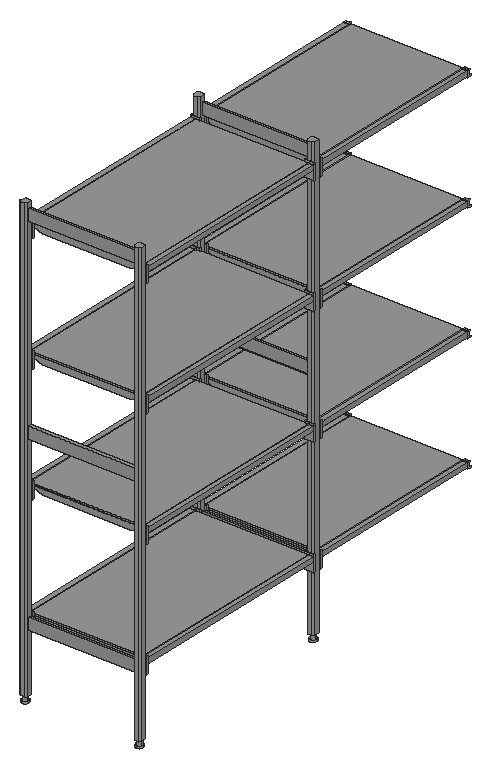
Revit family "QF_ELECTROLUXPROFESSIONAL_137079_CLS1574", category Attrezzature speciali, Revit 2020 (continued)
Definition of nested family "WT_Aggancio475"
  Dimensions and locks
    plane 9 "FEET" to level = 25.0 mm
    plane 5 "TOP" to plane 9 "FEET" = 1700.0 mm
    plane 10 to plane 9 "FEET" = 250.0 mm
    plane 11 to plane 10 = 450.0 mm
    plane 12 to plane 11 = 450.0 mm
    plane 13 to plane 12 = 450.0 mm
    locked: plane 3 "BACK" to plane 15 "CYBack" at 17.5
    locked: plane 16 "CYFront" to plane 4 "FRONT" at 17.5
    aligned and locked: level to plane 1
    aligned and locked: Extrusion 1 sketch curve to Extrusion 1 sketch curve  (x3)
  Automatic sketch dimensions
    plane 16 "CYFront" to Extrusion 1 sketch curve = 1.478 mm  (x4)
    Extrusion 1 sketch curve to Extrusion 1 sketch curve = 2.0 mm
    plane 8 to Extrusion 1 sketch curve = 3.478 mm  (x4)
    Extrusion 1 sketch curve to plane 10 = 4.006 mm
    Extrusion 1 sketch curve to Extrusion 1 sketch curve = 34.0 mm  (x4)
    Extrusion 1 sketch curve to plane 11 = 4.006 mm
    Extrusion 1 sketch curve to plane 12 = 4.006 mm
    Extrusion 1 sketch curve to plane 13 = 4.006 mm
    Extrusion 1 sketch curve to plane 7 = 37.522 mm  (x4)
    Extrusion 1 sketch curve to plane 7 = 3.522 mm  (x4)
    plane 14 to Extrusion 1 sketch curve = 3.516 mm  (x4)
    plane 14 to Extrusion 1 sketch curve = 1.522 mm  (x4)
    plane 10 to Extrusion 1 sketch curve = 7.998 mm  (x2)
    Extrusion 1 sketch curve to Extrusion 1 sketch curve = 11.498 mm  (x4)
    Extrusion 1 sketch curve to Extrusion 1 sketch curve = 6.499 mm  (x8)
    plane 11 to Extrusion 1 sketch curve = 7.998 mm  (x2)
    plane 12 to Extrusion 1 sketch curve = 7.998 mm  (x2)
    plane 13 to Extrusion 1 sketch curve = 7.998 mm  (x2)
    plane 2 "LEFT" to Extrusion 2 sketch curve = 0.0 mm  (x4)
    plane 13 to Extrusion 2 sketch curve = 7.996 mm
    plane 11 to Extrusion 2 sketch curve = 7.996 mm
    Extrusion 2 sketch curve to Extrusion 2 sketch curve = 5.0 mm  (x4)
    plane 11 to Extrusion 2 sketch curve = 2.494 mm
    plane 10 to Extrusion 2 sketch curve = 28.996 mm
    Extrusion 2 sketch curve to Extrusion 2 sketch curve = 3.0 mm  (x4)
    plane 10 to Extrusion 2 sketch curve = 7.996 mm
    plane 10 to Extrusion 2 sketch curve = 2.494 mm
    Extrusion 2 sketch curve to Extrusion 2 sketch curve = 18.0 mm  (x3)
    plane 12 to Extrusion 2 sketch curve = 2.494 mm
    plane 12 to Extrusion 2 sketch curve = 7.996 mm
    plane 13 to Extrusion 2 sketch curve = 2.494 mm
    plane 2 "LEFT" to Extrusion 3 sketch curve = 0.0 mm  (x4)
    plane 13 to Extrusion 3 sketch curve = 7.996 mm
    plane 11 to Extrusion 3 sketch curve = 7.996 mm
    Extrusion 3 sketch curve to Extrusion 3 sketch curve = 5.0 mm  (x4)
    plane 11 to Extrusion 3 sketch curve = 2.494 mm
    plane 10 to Extrusion 3 sketch curve = 28.996 mm
    Extrusion 3 sketch curve to Extrusion 3 sketch curve = 3.0 mm  (x4)
    plane 10 to Extrusion 3 sketch curve = 7.996 mm
    plane 10 to Extrusion 3 sketch curve = 2.494 mm
    Extrusion 3 sketch curve to Extrusion 3 sketch curve = 18.0 mm  (x3)
    plane 12 to Extrusion 3 sketch curve = 2.494 mm
    plane 12 to Extrusion 3 sketch curve = 7.996 mm
    plane 13 to Extrusion 3 sketch curve = 2.494 mm
    plane 2 "LEFT" to curve 1 = 5.0 mm
    plane 2 "LEFT" to curve 7 = 5.0 mm
    curve 1 to plane 16 "CYFront" = 17.5 mm
    curve 3 to plane 8 = 12.522 mm
    plane 7 to curve 5 = 12.478 mm
    curve 7 to plane 14 = 17.5 mm
    curve 5 to curve 5 = 4.0 mm
    curve 1 to curve 4 = 4.0 mm
    Extrusion 2 sketch curve to Extrusion 2 sketch curve = 4.0 mm  (x4)
    Extrusion 2 sketch curve to Extrusion 2 sketch curve = 8.969 mm  (x4)
    Extrusion 3 sketch curve to Extrusion 3 sketch curve = 4.0 mm  (x4)
    Extrusion 3 sketch curve to Extrusion 3 sketch curve = 8.969 mm  (x4)
